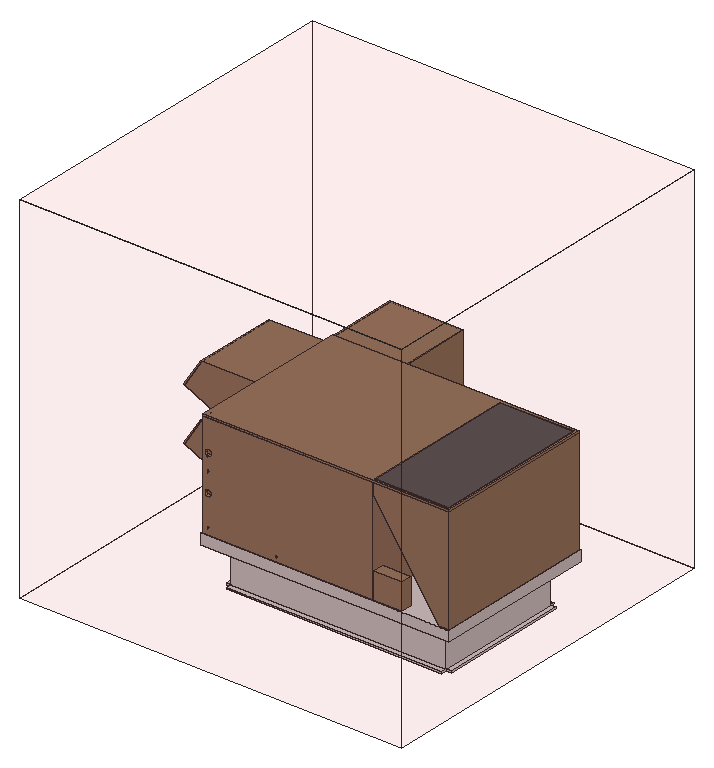
Revit family "Air_Conditioner_Packaged_Rooftop Z(F,H,S,U) 6.5-7.5T_ Z(H,J,R,T,U,W,K,V) 3T-5T", category Mechanical Equipment, Revit 2018
Family settings
  Round Connector Dimension = Use Radius
  Part Type = Normal
  Work Plane-Based = No
  Always vertical = Yes
  Cut with Voids When Loaded = No
  Shared = No
  Room Calculation Point = No
Parameters (values of type "3-10 Ton - Gas Heat")
  Width = 59"
  Voltage = 0 V
  URL = "http://www.johnsoncontrols.com/publish/us/en.html"
  Top Economizer Hood [instance] = yes
  Supply Fan Full Load Current = 0 A
  Supply Air Connection Width [instance] = if(Roof Curb, 21", if(Height = 42", 27 1/2", 28 1/4"))  # 21"
  Supply Air Connection Height [instance] = if(Roof Curb, 24", 18 1/4")  # 24"
  Supply Air Connection Description = "Supply Air Connection"  # constant formula
  Slab Mount [instance] = not(Roof Curb)  # no
  Side Return Air Connection Offset [instance] = if(Height = 42", 12 1/16", 18 1/16")  # 12 1/16"
  Serial Number [instance] = ""
  Seasonal Energy Efficiency Rating = 80  # constant formula
  Roof Curb 8 Inch [instance] = no
  Roof Curb 14 Inch [instance] = yes
  Roof Curb [instance] = yes
  Return Air Wet Bulb Temperature [instance] = 62 °F
  Return Air Dry Bulb Temperature [instance] = 65 °F
  Return Air Connection Width [instance] = if(Roof Curb, 18", 18 1/4")  # 18"
  Return Air Connection Height [instance] = if(Roof Curb, 27 1/2", if(Height = 42", 27 3/4", 28 1/4"))  # 27 1/2"
  Return Air Connection Description = "Return Air Connection"  # constant formula
  Refrigerant Charge System Two = 0.00 lbf
  Refrigerant Charge System One = 0.00 lbf
  Product Page URL = "http://www.johnsoncontrols.com/publish/us/en/products/building_efficiency/integrated_hvac_systems/Industrial___Commercial_HVAC_Equipment/single-package_units/series_10.html"
  Product Documentation Link = ""
  Power Factor = 1  # constant formula
  Power Exhaust Full Load Current = 0 A
  Outside Air Intake Hood [instance] = yes
  Outdoor Ambient Temperature [instance] = 75 °F
  Operating Weight = 0.00 lbf
  OmniClass Title = "Packaged Air Conditioners"  # constant formula
  OmniClass Number = "23.75.10.24.21.27.11"  # constant formula
  OD Fan Motor Full Load Current = 0 A
  Number of Poles = 3
  Nominal Cooling Capacity = 0.0 ton
  Nominal Air Flow = 0 CFM
  Model = "JA3ZHA2"
  Minimum Circuit Current = 0 A
  Minimum Applied Voltage = 0 V
  Maximum Overcurrent Protection = 0 A
  Maximum Applied Voltage = 0 V
  Manufacturer = "Johnson Controls, Inc."  # constant formula
  Length = 89"
  Keynote = "15700"
  Integrated Part Load Value = 0
  Height = 42"
  Gas Heating Output [instance] = 0 Btu/h
  Gas Heating Input [instance] = 0 Btu/h
  Gas Connection Radius = if(1 = 1, Gas Connection Diameter / 2, 0")  # 3/8"
  Gas Connection Diameter = 3/4"
  Gas Connection Description = "Gas Supply Connection"  # constant formula
  Frequency = 60 Hz  # constant formula
  Frame Material = Metal - JCI - Steel - Galvanized With Wood Nailer
  Frame Finish = Paint - JCI - Powder Coated - Champagne
  Filter Size and Quantity = ""
  Family Revision Date = "06/11/2010"  # constant formula
  External Static Pressure [instance] = 0.00 in-wg
  Evaporator Coil Row Count = 3  # constant formula
  Evaporator Coil Fins per Inch = 15  # constant formula
  Energy Efficiency Rating = 0
  Electrical Connection Description = "Power Wiring Connection"  # constant formula
  Economizer Hood Length = 30 11/32"
  Economizer Hood Height = if(1 = 1, (Height - 4 1/4") / 2, 0")  # 18 7/8"
  Economizer Hood Depth = 26"
  Design Supply Air Flow [instance] = 0 CFM
  Description = "Air Handling Unit, Commercial Comfort Systems, Series 10, Gas, 3-10 Ton Unit"  # constant formula
  Copyright © = "Copyright © 2008 by Johnson Controls, Inc."  # constant formula
  Convenience Outlet Voltage [instance] = if(Convenience Outlet, 120 V, 0 V)  # 120 V
  Convenience Outlet Electrical Connection Description = "Convenience Power Wiring Connection"  # constant formula
  Convenience Outlet [instance] = yes
  Condensate Drain Connection Radius = if(1 = 1, Condensate Drain Connection Diameter / 2, 0")  # 3/8"
  Compressor Maximum Continuous Current = 0 A
  CTRL Supply Connection Offset [instance] = if(Roof Curb, CTRL Supply Air Center Elevation, 18 13/16" - 1/2")  # 17 5/32"
  Curb Width = 50 1/2"
  Curb Type [instance] = Commercial_Comfort_Systems-Series_10-Johnson_Control-Curb : Roof Curb
  Curb Material = Metal - JCI - Steel - Galvanized With Wood Nailer
  Curb Length = 80 5/8"
  Curb Height [instance] = 14"
  Convenience Outlet Full Load Current = 0 A
  Controls Connection Description = "Control Wiring Connection"  # constant formula
  Condenser Fan Type = "Propeller"  # constant formula
  Condenser Fan Quantity = 2  # constant formula
  Condenser Fan Diameter = 24"  # constant formula
  Condenser Coils System Two Rows = 0
  Condenser Coils System One Rows = 0
  Condenser Coil Fins per Inch = 20  # constant formula
  Condensate Drain Connection Diameter = 3/4"
  Condensate Drain Connection Description = "Condensate Drain Connection"  # constant formula
  Compressor Type = "Recip"  # constant formula
  Compressor Running Load Current = 0 A
  Compressor Quantity = 2  # constant formula
  Compressor Locked Rotor Current = 0 A
  Clearance Top = 72"
  Clearance Right = 12"
  Clearance Left = 36"
  Clearance Front = 36"
  Clearance Bottom [instance] = if(Roof Curb, Curb Height, 0")  # 14"
  Clearance Back = 36"
  Clearance [instance] = Include Clearance : Include Clearance
  CTRL Supply Connection Angle [instance] = if(Roof Curb, 90.00°, 0.00°)  # 90.00°
  CTRL Supply Air Center Elevation [instance] = 5 5/32" + (Supply Air Connection Height / 2)  # 17 5/32"
  CTRL Supply Air Center [instance] = if(Roof Curb, 32 11/16" + Supply Air Connection Width / 2, 31 11/16" + Supply Air Connection Width / 2)  # 43 3/16"
  CTRL Return Air Center Elevation [instance] = Side Return Air Connection Offset + (Return Air Connection Height / 2)  # 25 13/16"
  CTRL Elevation [instance] = if(Roof Curb, Curb Height, 0")  # 14"
  CTRL Return Air Center [instance] = if(Roof Curb, 6 13/16" + Return Air Connection Width / 2, 2 31/32" + Return Air Connection Width / 2)  # 15 13/16"
  CTRL Return Connection Offset [instance] = if(Roof Curb, CTRL Return Air Center Elevation, 20 9/16" - 1/2")  # 25 13/16"
  CTRL Connection Angle [instance] = if(Roof Curb, 90.00°, 0.00°)  # 90.00°
  CTRL Bottom Supply Center = 18 13/16"  # constant formula
  CTRL Bottom Return Center = 20 9/16"  # constant formula
  Bottom Economizer Hood [instance] = yes
  Assembly Code = "D3060300"
  Air Temperature On Condenser Coil [instance] = 0 °F
  Air On Evaporator Wet Bulb Temperature [instance] = 0 °F
  Air On Evaporator Flow [instance] = 0 CFM
  Actual Supply Air Flow [instance] = 0 CFM
  Actual Return Air Flow [instance] = 0 CFM
  Actual Heater Gas Flow [instance] = 0 GPM
  Actual Condensate Drain Flow [instance] = 0 GPM
Reference planes (in)
  plane 1 "Center (Front/Back)": y = 0
  plane 2 "Bottom": z = 0
  plane 3 "Center (Left/Right)": x = 0
  plane 4 "Back": y = 29.5
  plane 5 "Front": y = -29.5
  plane 6 "Left": x = -44.5
  plane 7 "Right": x = 44.5
  plane 8 "Top": z = 56
  plane 9 "Curb Top": z = 14
  plane 10 "Frame Front": y = -29
  plane 11 "Condenser Back": x = 16.6875
  plane 12 "Frame Left": x = -44
  plane 13 "Frame Back": y = 29
  plane 14 "Base Rail": z = 17.75
  plane 15 "Frame Top": z = 55.5
  plane 16 "Hood Back": y = 25.25
  plane 17 "Economizer Hood Center": z = 36.625
  plane 18 "Return Air Center": x = -28.6875
  plane 19 "Supply Air Center": x = -1.3125
  plane 20 "Bottom Supply Air Center": y = 10.6875
  plane 21 "Bottom Return Center": y = 8.9375
  plane 22 "Supply Air Center Elevation": z = 31.15625
  plane 23 "Return Air Center Elevation": z = 39.8125
Forms (in)
  Revolve 1, void, detail levels fine
    sketch origin (-28.6875, 0, 0) x (0, -1, 0) y (0, 0, 1)
      loop
        line (-8.9375, 14) -> (-8.6875, 14) -> (-8.6875, 14.25) -> (-8.9375, 14.25) -> (-8.9375, 14)
      axis (-8.9375, 14.25) -> (-8.9375, 14)
    angle from 0 to 360
  Revolve 2, void, detail levels fine
    sketch origin (-1.3125, 0, 0) x (0, -1, 0) y (0, 0, 1)
      loop
        line (-10.6875, 14) -> (-10.4375, 14) -> (-10.4375, 14.25) -> (-10.6875, 14.25) -> (-10.6875, 14)
      axis (-10.6875, 14.25) -> (-10.6875, 14)
    angle from 0 to 360
Dimensions and locks (in)
  equal spacing: plane 5 "Front", plane 1 "Center (Front/Back)", plane 4 "Back"
  "Width": plane 5 "Front" to plane 4 "Back"
  equal spacing: plane 6 "Left", plane 3 "Center (Left/Right)", plane 7 "Right"
  "Length": plane 6 "Left" to plane 7 "Right"
  "CTRL Elevation": plane 9 "Curb Top" to plane 2 "Bottom"
  "Height": plane 8 "Top" to plane 9 "Curb Top"
  locked: plane 5 "Front" to plane 10 "Frame Front" at 0.5
  locked: connector elem to plane 6 "Left" at 27
  locked: plane 9 "Curb Top" to connector elem at 5.375
  locked: connector elem to plane 6 "Left" at 2.5  (x3)
  locked: plane 9 "Curb Top" to connector elem at 17.1875
  locked: plane 9 "Curb Top" to connector elem at 24.1875
  locked: plane 11 "Condenser Back" to plane 7 "Right" at 27.8125
  locked: connector elem to plane 5 "Front" at 5.75
  locked: plane 9 "Curb Top" to connector elem at 21.5625
  locked: plane 6 "Left" to plane 12 "Frame Left" at 0.5
  locked: plane 4 "Back" to plane 13 "Frame Back" at 0.5
  locked: plane 14 "Base Rail" to plane 9 "Curb Top" at 3.75
  locked: plane 4 "Back" to plane 16 "Hood Back" at 4.25
  "Economizer Hood Height": plane 17 "Economizer Hood Center" to plane 14 "Base Rail"
  "Economizer Hood Height": plane 15 "Frame Top" to plane 17 "Economizer Hood Center"
  "CTRL Return Air Center": plane 6 "Left" to plane 18 "Return Air Center"
  "CTRL Supply Air Center": plane 6 "Left" to plane 19 "Supply Air Center"
  locked: plane 4 "Back" to plane 20 "Bottom Supply Air Center" at 18.8125
  locked: plane 4 "Back" to plane 21 "Bottom Return Center" at 20.5625
  "CTRL Supply Air Center Elevation": plane 9 "Curb Top" to plane 22 "Supply Air Center Elevation"
  "CTRL Return Air Center Elevation": plane 9 "Curb Top" to plane 23 "Return Air Center Elevation"
  "CTRL Return Connection Offset": Revolve 1 sketch curve to Revolve 1 sketch curve
  locked: Revolve 1 sketch curve to Revolve 1 sketch curve at 0.25  (x2)
  "CTRL Supply Connection Offset": Revolve 2 sketch curve to Revolve 2 sketch curve
  locked: Revolve 2 sketch curve to Revolve 2 sketch curve at 0.25  (x2)
  locked: plane 9 "Curb Top" to connector elem at 6.1875
  "CTRL Connection Angle": angle plane 23 "Return Air Center Elevation" to Revolve 1 sketch curve
  locked: Revolve 1 sketch curve to Revolve 1 sketch curve (angle 90.00°)  (x3)
  "CTRL Supply Connection Angle": angle plane 22 "Supply Air Center Elevation" to Revolve 2 sketch curve
  locked: Revolve 2 sketch curve to Revolve 2 sketch curve (angle 90.00°)  (x3)
  aligned and locked: plane 1 "Center (Front/Back)" to nested 1
  aligned and locked: nested 1 to plane 9 "Curb Top"
  aligned and locked: plane 1 "Center (Front/Back)" to nested 2
  aligned and locked: plane 3 "Center (Left/Right)" to nested 2
  aligned and locked: nested 3 to plane 13 "Frame Back"
  aligned and locked: nested 3 to plane 12 "Frame Left"
  aligned and locked: plane 15 "Frame Top" to nested 3
  aligned and locked: plane 16 "Hood Back" to nested 4
  aligned and locked: nested 4 to plane 12 "Frame Left"
  aligned and locked: nested 4 to plane 14 "Base Rail"
  aligned and locked: plane 16 "Hood Back" to nested 5
  aligned and locked: nested 5 to plane 12 "Frame Left"
  aligned and locked: nested 5 to plane 17 "Economizer Hood Center"
  aligned and locked: nested 6 to plane 1 "Center (Front/Back)"
  aligned and locked: nested 6 to plane 3 "Center (Left/Right)"
  aligned and locked: nested 6 to plane 9 "Curb Top"
  aligned and locked: plane 2 "Bottom" to nested 2
  aligned and locked: nested 1 to plane 6 "Left"
  aligned and locked: plane 21 "Bottom Return Center" to Revolve 1 sketch curve
  aligned and locked: plane 23 "Return Air Center Elevation" to Revolve 1 sketch curve
  aligned and locked: Revolve 1 sketch curve to Revolve 1 sketch curve  (x2)
  aligned and locked: plane 20 "Bottom Supply Air Center" to Revolve 2 sketch curve
  aligned and locked: plane 22 "Supply Air Center Elevation" to Revolve 2 sketch curve
  aligned and locked: Revolve 2 sketch curve to Revolve 2 sketch curve  (x2)
Nested families (in)
  nested 1: "Commercial_Comfort_Systems-Series_10-Johnson_Control-One_Condenser" at (0, 0, 14), type "One Condenser"
  nested 2: "Commercial_Comfort_Systems-Series_10-Johnson_Control-Curb" at (0, 0, 0), type <- "Curb Type", visible <- "Roof Curb", type "Roof Curb"
    with Supply Air Width 22"
  nested 3: "Commercial_Comfort_Systems-Series_10-Johnson_Control-Outdoor_Air_Hood" at (-31, 41.875, 19.75) x (-1, 0, 0) z (0, 0, 1), visible <- "Outside Air Intake Hood", type "Outdoor Air Intake Hood"
  nested 4: "Commercial_Comfort_Systems-Series_10-Johnson_Control-Hood" at (-57, 10.07813, 17.75) x (0, -1, 0) z (0, 0, 1), Hood <- "Bottom Economizer Hood", type "Hood"
    with Open Hole yes, No Hood no, Hood yes, Length 30 11/32"
  nested 5: "Commercial_Comfort_Systems-Series_10-Johnson_Control-Hood" at (-57, 10.07813, 36.625) x (0, -1, 0) z (0, 0, 1), Hood <- "Top Economizer Hood", type "Hood"
    with Open Hole yes, No Hood no, Hood yes, Length 30 11/32"
  nested 6: "Include Clearance" at (0, 0, 14), type <- "Clearance", type "Include Clearance"
    with Width 89", Height 42", Depth 59", Clearance Top 72", Clearance Right 12", Clearance Left 36", Clearance Front 36", Clearance Bottom 14", Clearance Back 36"
Connectors (in)
  piping at (-17.5, -29, 19.375), diameter 0.75, driven by "Actual Condensate Drain Flow", driven by "Condensate Drain Connection Radius", driven by "Condensate Drain Connection Description"
    settings: index 3, connector inside diameter 3/4", connector length 0", flow factor 0, pipe flow 0 GPM, pressure drop 0.00 psi, fitting loss kfactor 0, connector angle 0.00°, fixture units 0, engagement length 0", angle of deflection 0.00°, flow configuration 1, flow direction 2, fitting loss method 0, system type 16, joint type 0, gender type 0, connector reference index -1, connector utility 0, adjustable connector yes, is connector primary yes, connector description "Condensate Drain Connection"
  electrical at (-42, -29, 31.1875), driven by "Power Factor", driven by "Voltage", driven by "Number of Poles", driven by "Electrical Connection Description"
    settings: index 4, voltage 0 V, apparent load 0 VA, apparent load phase1 0 VA, apparent load phase2 0 VA, apparent load phase3 0 VA, power factor 1, load classification "HVAC", number of poles 3, system type 30, power factor state 1, is connector primary yes, connector utility no, sub classification motor no, connector description "Power Wiring Connection"
  electrical at (-42, -29, 38.1875), driven by "Controls Connection Description"
    settings: index 5, voltage 0 V, apparent load 0 VA, apparent load phase1 0 VA, apparent load phase2 0 VA, apparent load phase3 0 VA, power factor 1, load classification "Other", number of poles 1, system type 13, power factor state 1, is connector primary no, connector utility no, sub classification motor no, connector description "Control Wiring Connection"
  piping at (16.6875, -23.75, 35.5625), diameter 0.75, driven by "Actual Heater Gas Flow", driven by "Gas Connection Radius", driven by "Gas Connection Description"
    settings: index 6, connector inside diameter 3/4", connector length 0", flow factor 0, pipe flow 0 GPM, pressure drop 0.00 psi, fitting loss kfactor 0, connector angle 0.00°, fixture units 0, engagement length 0", angle of deflection 0.00°, flow configuration 1, flow direction 1, fitting loss method 0, system type 22, joint type 0, gender type 0, connector reference index -1, connector utility 0, adjustable connector no, is connector primary no, connector description "Gas Supply Connection"
  hvac at (-28.6875, 8.9375, 14), driven by "Return Air Connection Height", driven by "Return Air Connection Width", driven by "Actual Return Air Flow", driven by "Return Air Connection Description"
    settings: on Revolve 1, index 8, duct flow 0 CFM, flow factor 0, pres drop 0.00 in-wg, loss coef 0, conn angle 0.00°, conn width 18", conn height 27 1/2", conn diameter 24", duct sys type 2, conn prof type 1, flow config 0, flow direction 1, loss method 0, conn ref index -1, conn util no, is conn primary no, conn desc "Return Air Connection"
  hvac at (-1.3125, 10.6875, 14), driven by "Supply Air Connection Width", driven by "Supply Air Connection Height", driven by "Actual Supply Air Flow", driven by "Supply Air Connection Description"
    settings: on Revolve 2, index 9, duct flow 0 CFM, flow factor 0, pres drop 0.00 in-wg, loss coef 0, conn angle 0.00°, conn width 21", conn height 24", conn diameter 24", duct sys type 1, conn prof type 1, flow config 0, flow direction 1, loss method 0, conn ref index -1, conn util no, is conn primary no, conn desc "Supply Air Connection"
  electrical at (-42, -29, 20.1875), driven by "Power Factor", driven by "Convenience Outlet Voltage", driven by "Convenience Outlet Electrical Connection Description"
    settings: index 10, voltage 120 V, apparent load 0 VA, apparent load phase1 0 VA, apparent load phase2 0 VA, apparent load phase3 0 VA, power factor 1, load classification "Power", number of poles 1, system type 30, power factor state 0, is connector primary no, connector utility no, sub classification motor no, connector description "Convenience Power Wiring Connection"
  hvac at (0.9375, 29, 28.28125)
    settings: on nested 1, index 11, duct flow 0 CFM, flow factor 0, pres drop 0.00 in-wg, loss coef 0, conn angle 0.00°, conn width 27 1/2", conn height 16", conn diameter 24", duct sys type 1, conn prof type 1, flow config 0, flow direction 0, loss method 0, conn ref index -1, conn util no, is conn primary yes, conn desc ""
  hvac at (-31, 41.79893, 33.36828)
    settings: on nested 3, index 12, duct flow 0 CFM, flow factor 0, pres drop 0.00 in-wg, loss coef 0, conn angle 0.00°, conn width 18 1/4", conn height 27 3/4", conn diameter 24", duct sys type 1, conn prof type 1, flow config 0, flow direction 0, loss method 0, conn ref index -1, conn util no, is conn primary no, conn desc ""
Definition of nested family "Commercial_Comfort_Systems-Series_10-Johnson_Control-One_Condenser"
  Parameters
    Width = 59"
    Side Supply Air Width = 27 1/2"
    Side Supply Air Height = 18 1/4"
    Side Supply Air = no
    Side Return Air Width = 18 1/4"
    Side Return Air Offset = 12 1/16"
    Side Return Air Height = 27 3/4"
    Side Return Air = no
    Paint Finish = none
    No Cap Side Return = yes
    Length = 89"
    Height = 42"
    Frame Material = none
    Condenser Material = none
    Cap Side Return = not(No Cap Side Return)  # no
    Bottom Supply Air Width = 21"
    Bottom Supply Air Height = 24"
    Bottom Supply Air = not(Side Supply Air)  # yes
    Bottom Return Air Width = 18"
    Bottom Return Air Height = 27 1/2"
    Bottom Return Air = not(Side Return Air)  # yes
    Assembly Code = ""
  Reference planes (in)
    plane 1 "Center (Front/Back)": y = 0
    plane 2 "Bottom": z = 0
    plane 3 "Center (Left/Right)": x = 0
    plane 4 "Back": y = 29.5
    plane 5 "Front": y = -29.5
    plane 6 "Left": x = -44.5
    plane 7 "Right": x = 44.5
    plane 8 "Top": z = 42
    plane 9 "Base Rail Top": z = 3.75
    plane 10 "Box Back": y = 29
    plane 11 "Box Left": x = -44
    plane 12 "Box Right": x = 44
    plane 13 "Box Front": y = -29
    plane 14 "Return Air Left": x = -37.6875
    plane 15 "Return Air Right": x = -19.6875
    plane 16 "Supply Air Left": x = -11.8125
    plane 17 "Supply Air Right": x = 9.1875
    plane 18 "Air Back": y = 22.6875
    plane 19 "Bottom Return Air Front": y = -4.8125
    plane 20 "Bottom Supply Air Front": y = -1.3125
    plane 21 "Frame Front": y = -28
    plane 22 "Frame Back": y = 28
    plane 23 "Frame Left": x = -43
    plane 24 "Frame Right": x = 43
    plane 25 "Supply Air Bottom": z = 5.15625
    plane 26 "Supply Air Top": z = 23.40625
    plane 27 "Back Supply Air Left": x = -12.8125
    plane 28 "Back Supply Air Right": x = 14.6875
    plane 29 "Return Air Bottom": z = 12.0625
    plane 30 "Return Air Top": z = 39.8125
    plane 31 "Back Return Air Left": x = -41.53125
    plane 32 "Back Return Air Right": x = -23.28125
    plane 33 "Condenser Left": x = 16.6875
    plane 34 "Angle Inset": x = 40.5
    plane 35 "Angle Top Inset": z = 38
    plane 36 "Right Inside Frame": x = 16.1875
    plane 37 "Frame Top": z = 41.5
    plane 38 "Big Opening Back": y = 25.25
    plane 39 "Big Opening Front": y = -5.09375
    plane 40 "Little Box Back": y = -25
    plane 41 "Little Box Right": x = 27.1875
    plane 42 "Little Box Top": z = 13
  Forms (in)
    Extrusion 1, solid, material <- "Frame Material", detail levels medium+fine
      sketch origin (0, 0, 0) x (1, 0, 0) y (0, 1, 0)
        loop
          line (-44.5, 29.5) -> (-44.5, -29.5) -> (44.5, -29.5) -> (44.5, 29.5) -> (-44.5, 29.5)
        loop
          line (-37.6875, 22.6875) -> (-37.6875, -4.8125) -> (-19.6875, -4.8125) -> (-19.6875, 22.6875) -> (-37.6875, 22.6875)
        loop
          line (-11.8125, 22.6875) -> (-11.8125, -1.3125) -> (9.1875, -1.3125) -> (9.1875, 22.6875) -> (-11.8125, 22.6875)
      from 0 to 3.75
    Extrusion 2, solid, material <- "Paint Finish", detail levels medium+fine
      sketch origin (0, 0, 0) x (1, 0, 0) y (0, 0, 1)
        loop
          line (-44, 41.5) -> (-44, 3.75) -> (16.6875, 3.75) -> (16.6875, 41.5) -> (-44, 41.5)
        loop
          line (-12.8125, 23.40625) -> (-12.8125, 5.15625) -> (14.6875, 5.15625) -> (14.6875, 23.40625) -> (-12.8125, 23.40625)
        loop
          line (-23.28125, 39.8125) -> (-41.53125, 39.8125) -> (-41.53125, 12.0625) -> (-23.28125, 12.0625) -> (-23.28125, 39.8125)
      from -29 to -28
    Extrusion 3, solid, material <- "Paint Finish", detail levels medium+fine
      sketch origin (0, 0, 0) x (1, 0, 0) y (0, 0, 1)
        loop
          line (16.6875, 41.5) -> (16.6875, 38) -> (40.5, 3.75) -> (44, 3.75) -> (44, 41.5) -> (16.6875, 41.5)
      from -29 to 29
    Extrusion 4, solid, material <- "Paint Finish", detail levels medium+fine
      sketch origin (0, 0, 0) x (1, 0, 0) y (0, 0, 1)
        loop
          line (-44, 41.5) -> (-44, 3.75) -> (16.6875, 3.75) -> (16.6875, 41.5) -> (-44, 41.5)
        loop
          circle (-42, 30.1875) r 1.25
        loop
          circle (-42, 17.1875) r 1.25
        loop
          circle (-42, 24.1875) r 0.4375
        loop
          circle (-42, 6.1875) r 0.4375
        loop
          circle (-17.5, 5.375) r 0.375
      from 28 to 29
    Extrusion 5, solid, material <- "Paint Finish", detail levels medium+fine
      sketch origin (0, 0, 0) x (0, 1, 0) y (0, 0, 1)
        loop
          line (28, 41.5) -> (25.25, 41.5) -> (25.25, 3.75) -> (28, 3.75) -> (28, 41.5)
        loop
          line (-5.09375, 41.5) -> (-28, 41.5) -> (-28, 3.75) -> (-5.09375, 3.75) -> (-5.09375, 41.5)
      from -44 to -43
    Extrusion 6, solid, material <- "Paint Finish", detail levels medium+fine
      sketch origin (0, 0, 0) x (1, 0, 0) y (0, 1, 0)
        loop
          line (-44, 29) -> (-44, -29) -> (44, -29) -> (44, 29) -> (-44, 29)
        loop
          line (16.6875, 28) -> (16.6875, -28) -> (43, -28) -> (43, 28) -> (16.6875, 28)
      from 41.5 to 42
    Extrusion 7, solid, material <- "Condenser Material", detail levels medium+fine
      sketch origin (0, 0, 0) x (1, 0, 0) y (0, 1, 0)
        loop
          line (16.6875, 28) -> (16.6875, -28) -> (43, -28) -> (43, 28) -> (16.6875, 28)
      from 41.5 to 42
    Extrusion 8, solid, material <- "Paint Finish", detail levels fine
      sketch origin (0, 0, 0) x (1, 0, 0) y (0, 0, 1)
        loop
          line (16.6875, 13) -> (16.6875, 3.75) -> (27.1875, 3.75) -> (27.1875, 13) -> (16.6875, 13)
      from 25 to 29
    Extrusion 9, solid, material <- "Paint Finish", visible <- "Cap Side Return", detail levels medium+fine
      sketch origin (0, 0, 0) x (1, 0, 0) y (0, 0, 1)
        loop
          line (-41.53125, 39.8125) -> (-41.53125, 12.0625) -> (-23.28125, 12.0625) -> (-23.28125, 39.8125) -> (-41.53125, 39.8125)
      from -29 to -28
    Extrusion 10, solid, material <- "Paint Finish", visible <- "Bottom Supply Air", detail levels medium+fine
      sketch origin (0, 0, 0) x (1, 0, 0) y (0, 0, 1)
        loop
          line (-12.8125, 23.40625) -> (-12.8125, 5.15625) -> (14.6875, 5.15625) -> (14.6875, 23.40625) -> (-12.8125, 23.40625)
      from -29 to -28
    Extrusion 11, solid, material <- "Paint Finish", detail levels medium+fine
      sketch origin (0, 0, 0) x (0, 1, 0) y (0, 0, 1)
        loop
          line (-28, 41.5) -> (-28, 3.75) -> (28, 3.75) -> (28, 41.5) -> (-28, 41.5)
        loop
          circle (-23.75, 21.5625) r 0.375
      from 16.1875 to 16.6875
  Cuts and joins
    joined: Extrusion 2, Extrusion 4, Extrusion 5, Extrusion 11
  Lines and regions (in)
    Masking region 1
      outline origin (0, 0, 0) x (1, 0, 0) y (0, 1, 0)
        loop
          line (-44.5, 29.5) -> (-44.5, -29.5) -> (44.5, -29.5) -> (44.5, 29.5) -> (-44.5, 29.5)
    Masking region 2, detail levels fine
      outline origin (0, 0, 0) x (1, 0, 0) y (0, 1, 0)
        loop
          line (-44, 29) -> (-44, -29) -> (44, -29) -> (44, 29) -> (-44, 29)
    Masking region 3, detail levels fine
      outline origin (0, 0, 0) x (1, 0, 0) y (0, 1, 0)
        loop
          line (16.6875, 28) -> (16.6875, -28) -> (43, -28) -> (43, 28) -> (16.6875, 28)
    Masking region 4
      outline origin (0, 0, 0) x (1, 0, 0) y (0, 0, 1)
        loop
          line (-44, 42) -> (-44, 3.75) -> (-44.5, 3.75) -> (-44.5, 0) -> (44.5, 0) -> (44.5, 3.75) -> (44, 3.75) -> (44, 42) -> (-44, 42)
        loop
          line (16.6875, 38) -> (16.6875, 3.75) -> (40.5, 3.75) -> (16.6875, 38)
    Masking region 5, detail levels fine
      outline origin (0, 0, 0) x (1, 0, 0) y (0, 0, 1)
        loop
          line (16.6875, 13) -> (16.6875, 3.75) -> (27.1875, 3.75) -> (27.1875, 13) -> (16.6875, 13)
    Masking region 6, visible <- "Side Return Air"
      outline origin (0, 29.5, 0) x (-1, 0, 0) y (0, 0, 1)
        loop
          line (41.53125, 39.8125) -> (23.28125, 39.8125) -> (23.28125, 12.0625) -> (41.53125, 12.0625) -> (41.53125, 39.8125)
    Masking region 7
      outline origin (0, 0, 0) x (0, 1, 0) y (0, 0, 1)
        loop
          line (-29, 42) -> (-29, 3.75) -> (-29.5, 3.75) -> (-29.5, 0) -> (29.5, 0) -> (29.5, 3.75) -> (29, 3.75) -> (29, 42) -> (-29, 42)
    Masking region 8, visible <- "Side Supply Air"
      outline origin (0, 29.5, 0) x (-1, 0, 0) y (0, 0, 1)
        loop
          line (12.8125, 23.40625) -> (-14.6875, 23.40625) -> (-14.6875, 5.15625) -> (12.8125, 5.15625) -> (12.8125, 23.40625)
    Masking region 9
      outline origin (0, -29.5, 0) x (-1, 0, 0) y (0, 0, 1)
        loop
          circle (42, 6.1875) r 0.4375
        loop
          circle (42, 17.1875) r 1.25
        loop
          circle (42, 24.1875) r 0.4375
        loop
          circle (42, 30.1875) r 1.25
        loop
          circle (17.5, 5.375) r 0.375
    symbolic lines, detail levels medium+fine
      curve 1: line (-44, 0, 3.75) -> (44, 0, 3.75)
      curve 3: line (0, -29, 3.75) -> (0, 29, 3.75)
      curve 53: line (-44.5, 0, 41.5) -> (44.5, 0, 41.5)
    symbolic lines, detail levels fine
      curve 2: line (16.6875, 0, 38) -> (16.6875, 0, 41.5)
      curve 4: line (-44.5, -5.09375, 3.75) -> (-44.5, -5.09375, 41.5)
      curve 5: line (-44.5, 25.25, 3.75) -> (-44.5, 25.25, 41.5)
      curve 6: line (0, -29, 41.5) -> (0, 29, 41.5)
    model lines, detail levels coarse
      curve 7: line (-44, 29, 42) -> (44, 29, 42)
      curve 8: line (-44, -29, 42) -> (-44, 29, 42)
      curve 9: line (44, -29, 42) -> (-44, -29, 42)
      curve 10: line (44, 29, 42) -> (44, -29, 42)
      curve 11: line (-44, 29, 3.75) -> (44, 29, 3.75)
      curve 12: line (-44, -29, 3.75) -> (-44, 29, 3.75)
      curve 13: line (44, -29, 3.75) -> (-44, -29, 3.75)
      curve 14: line (44, 29, 3.75) -> (44, -29, 3.75)
      curve 15: line (-44.5, 29.5, 3.75) -> (44.5, 29.5, 3.75)
      curve 16: line (-44.5, -29.5, 3.75) -> (-44.5, 29.5, 3.75)
      curve 17: line (44.5, -29.5, 3.75) -> (-44.5, -29.5, 3.75)
      curve 18: line (44.5, 29.5, 3.75) -> (44.5, -29.5, 3.75)
      curve 19: line (-44.5, 29.5, 0) -> (44.5, 29.5, 0)
      curve 20: line (-44.5, -29.5, 0) -> (-44.5, 29.5, 0)
      curve 21: line (44.5, -29.5, 0) -> (-44.5, -29.5, 0)
      curve 22: line (44.5, 29.5, 0) -> (44.5, -29.5, 0)
      curve 23: line (-44.5, -29.5, 0) -> (-44.5, -29.5, 3.75)
      curve 24: line (44.5, -29.5, 0) -> (44.5, -29.5, 3.75)
      curve 25: line (44.5, 29.5, 0) -> (44.5, 29.5, 3.75)
      curve 26: line (-44.5, 29.5, 0) -> (-44.5, 29.5, 3.75)
      curve 27: line (-44, -29, 3.75) -> (-44, -29, 42)
      curve 28: line (44, -29, 3.75) -> (44, -29, 42)
      curve 29: line (-44, 29, 3.75) -> (-44, 29, 42)
      curve 30: line (44, 29, 3.75) -> (44, 29, 42)
      curve 39: circle (-17.5, -29, 5.375) r 0.375 normal (0, -1, 0)
      curve 40: circle (-42, -29, 6.1875) r 0.4375 normal (0, -1, 0)
      curve 41: circle (-42, -29, 17.1875) r 1.25 normal (0, -1, 0)
      curve 42: circle (-42, -29, 24.1875) r 0.4375 normal (0, -1, 0)
      curve 43: circle (-42, -29, 30.1875) r 1.25 normal (0, -1, 0)
    model lines, visible <- "Side Return Air"
      curve 31: line (-41.53125, 29, 39.8125) -> (-23.28125, 29, 39.8125)
      curve 32: line (-41.53125, 29, 12.0625) -> (-41.53125, 29, 39.8125)
      curve 33: line (-23.28125, 29, 12.0625) -> (-41.53125, 29, 12.0625)
      curve 34: line (-23.28125, 29, 39.8125) -> (-23.28125, 29, 12.0625)
    model lines, visible <- "Side Supply Air"
      curve 35: line (-12.8125, 29, 23.40625) -> (14.6875, 29, 23.40625)
      curve 36: line (-12.8125, 29, 5.15625) -> (-12.8125, 29, 23.40625)
      curve 37: line (14.6875, 29, 5.15625) -> (-12.8125, 29, 5.15625)
      curve 38: line (14.6875, 29, 23.40625) -> (14.6875, 29, 5.15625)
    model lines
      curve 44: circle (16.6875, -23.75, 21.5625) r 0.375 normal (1, 0, 0)
    model lines, visible <- "Bottom Return Air", detail levels coarse
      curve 45: line (-37.6875, 22.6875, 0) -> (-19.6875, 22.6875, 0)
      curve 46: line (-37.6875, -4.8125, 0) -> (-37.6875, 22.6875, 0)
      curve 47: line (-19.6875, -4.8125, 0) -> (-37.6875, -4.8125, 0)
      curve 48: line (-19.6875, 22.6875, 0) -> (-19.6875, -4.8125, 0)
    model lines, visible <- "Bottom Supply Air", detail levels coarse
      curve 49: line (-11.8125, 22.6875, 0) -> (9.1875, 22.6875, 0)
      curve 50: line (-11.8125, -1.3125, 0) -> (-11.8125, 22.6875, 0)
      curve 51: line (9.1875, -1.3125, 0) -> (-11.8125, -1.3125, 0)
      curve 52: line (9.1875, 22.6875, 0) -> (9.1875, -1.3125, 0)
  Dimensions and locks (in)
    equal spacing: plane 5 "Front", plane 1 "Center (Front/Back)", plane 4 "Back"
    "Width": plane 5 "Front" to plane 4 "Back"
    equal spacing: plane 6 "Left", plane 3 "Center (Left/Right)", plane 7 "Right"
    "Length": plane 6 "Left" to plane 7 "Right"
    "Height": plane 8 "Top" to plane 2 "Bottom"
    locked: plane 9 "Base Rail Top" to plane 2 "Bottom" at 3.75
    locked: plane 6 "Left" to plane 14 "Return Air Left" at 6.8125
    "Bottom Return Air Width": plane 14 "Return Air Left" to plane 15 "Return Air Right"
    "Bottom Supply Air Width": plane 16 "Supply Air Left" to plane 17 "Supply Air Right"
    locked: plane 4 "Back" to plane 18 "Air Back" at 6.8125
    "Bottom Supply Air Height": plane 18 "Air Back" to plane 20 "Bottom Supply Air Front"
    locked: plane 5 "Front" to plane 13 "Box Front" at 0.5
    locked: plane 13 "Box Front" to plane 21 "Frame Front" at 1
    locked: plane 4 "Back" to plane 10 "Box Back" at 0.5
    locked: plane 10 "Box Back" to plane 22 "Frame Back" at 1
    locked: plane 6 "Left" to plane 11 "Box Left" at 0.5
    locked: plane 11 "Box Left" to plane 23 "Frame Left" at 1
    locked: plane 12 "Box Right" to plane 7 "Right" at 0.5
    locked: plane 24 "Frame Right" to plane 12 "Box Right" at 1
    locked: plane 25 "Supply Air Bottom" to plane 2 "Bottom" at 5.15625
    "Side Supply Air Width": plane 28 "Back Supply Air Right" to plane 27 "Back Supply Air Left"
    "Side Supply Air Height": plane 26 "Supply Air Top" to plane 25 "Supply Air Bottom"
    "Side Return Air Offset": plane 29 "Return Air Bottom" to plane 2 "Bottom"
    "Side Return Air Height": plane 30 "Return Air Top" to plane 29 "Return Air Bottom"
    locked: plane 27 "Back Supply Air Left" to plane 6 "Left" at 31.6875
    locked: plane 31 "Back Return Air Left" to plane 6 "Left" at 2.96875
    "Side Return Air Width": plane 32 "Back Return Air Right" to plane 31 "Back Return Air Left"
    locked: plane 33 "Condenser Left" to plane 7 "Right" at 27.8125
    locked: plane 34 "Angle Inset" to plane 7 "Right" at 4
    locked: plane 8 "Top" to plane 35 "Angle Top Inset" at 4
    locked: plane 36 "Right Inside Frame" to plane 33 "Condenser Left" at 0.5
    locked: plane 8 "Top" to plane 37 "Frame Top" at 0.5
    locked: plane 4 "Back" to plane 38 "Big Opening Back" at 4.25
    locked: plane 38 "Big Opening Back" to plane 39 "Big Opening Front" at 30.34375
    locked: plane 5 "Front" to plane 40 "Little Box Back" at 4.5
    locked: plane 41 "Little Box Right" to plane 33 "Condenser Left" at 10.5
    locked: plane 42 "Little Box Top" to plane 2 "Bottom" at 13
    locked: Extrusion 4 sketch curve to plane 2 "Bottom" at 5.75
    locked: Extrusion 4 sketch curve to plane 2 "Bottom" at 15.9375
    locked: Extrusion 4 sketch curve to plane 2 "Bottom" at 23.75
    locked: Extrusion 4 sketch curve to plane 2 "Bottom" at 28.9375
    locked: Extrusion 4 sketch curve to plane 6 "Left" at 1.25  (x2)
    locked: Extrusion 4 sketch curve to plane 6 "Left" at 2.0625  (x2)
    locked: Extrusion 11 sketch curve to plane 9 "Base Rail Top" at 17.4375
    plane 13 "Box Front" to Extrusion 11 sketch curve = 4 7/8"
    locked: Extrusion 4 sketch curve to plane 2 "Bottom" at 5
    locked: Extrusion 4 sketch curve to plane 6 "Left" at 26.625
    locked: Masking region 9 sketch curve to plane 2 "Bottom" at 5.75
    locked: Masking region 9 sketch curve to plane 2 "Bottom" at 15.9375
    locked: Masking region 9 sketch curve to plane 2 "Bottom" at 23.75
    locked: Masking region 9 sketch curve to plane 2 "Bottom" at 28.9375
    locked: Masking region 9 sketch curve to plane 2 "Bottom" at 5
    locked: Masking region 9 sketch curve to plane 6 "Left" at 26.625
    locked: Masking region 9 sketch curve to plane 6 "Left" at 2.0625  (x2)
    locked: Masking region 9 sketch curve to plane 6 "Left" at 1.25  (x2)
    locked: curve 40 to plane 2 "Bottom" at 5.75
    locked: curve 41 to plane 2 "Bottom" at 15.9375
    locked: curve 42 to plane 2 "Bottom" at 23.75
    locked: curve 43 to plane 2 "Bottom" at 28.9375
    locked: curve 39 to plane 6 "Left" at 26.625
    locked: curve 39 to plane 2 "Bottom" at 5
    locked: curve 40 to plane 6 "Left" at 2.0625
    locked: curve 41 to plane 6 "Left" at 1.25
    locked: curve 42 to plane 6 "Left" at 2.0625
    locked: curve 43 to plane 6 "Left" at 1.25
    locked: curve 44 to plane 2 "Bottom" at 21.1875
    locked: plane 13 "Box Front" to curve 44 at 4.875
    "Bottom Return Air Height": plane 18 "Air Back" to plane 19 "Bottom Return Air Front"
    locked: plane 6 "Left" to plane 16 "Supply Air Left" at 32.6875
    aligned and locked: plane 6 "Left" to Extrusion 1 sketch curve
    aligned and locked: Extrusion 1 sketch curve to plane 4 "Back"
    aligned and locked: plane 5 "Front" to Extrusion 1 sketch curve
    aligned and locked: plane 7 "Right" to Extrusion 1 sketch curve
    aligned and locked: Extrusion 1 to plane 2 "Bottom"
    aligned and locked: plane 9 "Base Rail Top" to Extrusion 1
    aligned and locked: plane 14 "Return Air Left" to Extrusion 1 sketch curve
    aligned and locked: plane 19 "Bottom Return Air Front" to Extrusion 1 sketch curve
    aligned and locked: Extrusion 1 sketch curve to plane 15 "Return Air Right"
    aligned and locked: Extrusion 1 sketch curve to plane 18 "Air Back"  (x2)
    aligned and locked: plane 16 "Supply Air Left" to Extrusion 1 sketch curve
    aligned and locked: plane 20 "Bottom Supply Air Front" to Extrusion 1 sketch curve
    aligned and locked: Extrusion 1 sketch curve to plane 17 "Supply Air Right"
    aligned and locked: plane 9 "Base Rail Top" to Extrusion 2 sketch curve
    aligned and locked: plane 11 "Box Left" to Extrusion 2 sketch curve
    aligned and locked: plane 29 "Return Air Bottom" to Extrusion 2 sketch curve
    aligned and locked: plane 31 "Back Return Air Left" to Extrusion 2 sketch curve
    aligned and locked: Extrusion 2 sketch curve to plane 32 "Back Return Air Right"
    aligned and locked: Extrusion 2 sketch curve to plane 30 "Return Air Top"
    aligned and locked: plane 10 "Box Back" to Extrusion 2
    aligned and locked: Extrusion 2 to plane 22 "Frame Back"
    aligned and locked: Extrusion 2 sketch curve to plane 33 "Condenser Left"
    aligned and locked: Extrusion 3 sketch curve to plane 33 "Condenser Left"
    aligned and locked: Extrusion 3 sketch curve to plane 12 "Box Right"
    aligned and locked: plane 34 "Angle Inset" to Extrusion 3 sketch curve
    aligned and locked: plane 9 "Base Rail Top" to Extrusion 3 sketch curve
    aligned and locked: plane 35 "Angle Top Inset" to Extrusion 3 sketch curve
    aligned and locked: plane 33 "Condenser Left" to Extrusion 3 sketch curve
    aligned and locked: plane 10 "Box Back" to Extrusion 3
    aligned and locked: plane 13 "Box Front" to Extrusion 3
    aligned and locked: Extrusion 2 sketch curve to plane 37 "Frame Top"
    aligned and locked: plane 9 "Base Rail Top" to Extrusion 4 sketch curve
    aligned and locked: Extrusion 4 sketch curve to plane 37 "Frame Top"
    aligned and locked: Extrusion 4 sketch curve to plane 33 "Condenser Left"
    aligned and locked: plane 11 "Box Left" to Extrusion 4 sketch curve
    aligned and locked: plane 13 "Box Front" to Extrusion 4
    aligned and locked: Extrusion 4 to plane 21 "Frame Front"
    aligned and locked: Extrusion 5 sketch curve to plane 37 "Frame Top"  (x2)
    aligned and locked: plane 9 "Base Rail Top" to Extrusion 5 sketch curve  (x2)
    aligned and locked: plane 38 "Big Opening Back" to Extrusion 5 sketch curve
    aligned and locked: Extrusion 5 sketch curve to plane 39 "Big Opening Front"
    aligned and locked: Extrusion 5 to plane 11 "Box Left"
    aligned and locked: plane 23 "Frame Left" to Extrusion 5
    aligned and locked: Extrusion 5 sketch curve to plane 21 "Frame Front"
    aligned and locked: Extrusion 5 sketch curve to plane 22 "Frame Back"
    aligned and locked: plane 11 "Box Left" to Extrusion 6 sketch curve
    aligned and locked: Extrusion 6 sketch curve to plane 13 "Box Front"
    aligned and locked: Extrusion 6 sketch curve to plane 10 "Box Back"
    aligned and locked: plane 8 "Top" to Extrusion 6
    aligned and locked: Extrusion 6 to plane 37 "Frame Top"
    aligned and locked: plane 37 "Frame Top" to Extrusion 3 sketch curve
    aligned and locked: plane 33 "Condenser Left" to Extrusion 7 sketch curve
    aligned and locked: plane 8 "Top" to Extrusion 7
    aligned and locked: Extrusion 7 to plane 37 "Frame Top"
    aligned and locked: Extrusion 7 sketch curve to plane 22 "Frame Back"
    aligned and locked: plane 24 "Frame Right" to Extrusion 7 sketch curve
    aligned and locked: Extrusion 7 sketch curve to plane 21 "Frame Front"
    aligned and locked: Extrusion 8 sketch curve to plane 42 "Little Box Top"
    aligned and locked: plane 33 "Condenser Left" to Extrusion 8 sketch curve
    aligned and locked: plane 9 "Base Rail Top" to Extrusion 8 sketch curve
    aligned and locked: Extrusion 8 sketch curve to plane 41 "Little Box Right"
    aligned and locked: plane 13 "Box Front" to Extrusion 8
    aligned and locked: Extrusion 8 to plane 40 "Little Box Back"
    aligned and locked: Masking region 1 sketch curve to plane 4 "Back"
    aligned and locked: plane 6 "Left" to Masking region 1 sketch curve
    aligned and locked: Masking region 1 sketch curve to plane 5 "Front"
    aligned and locked: plane 7 "Right" to Masking region 1 sketch curve
    aligned and locked: Masking region 2 sketch curve to plane 10 "Box Back"
    aligned and locked: plane 11 "Box Left" to Masking region 2 sketch curve
    aligned and locked: Masking region 2 sketch curve to plane 13 "Box Front"
    aligned and locked: plane 12 "Box Right" to Masking region 2 sketch curve
    aligned and locked: Masking region 3 sketch curve to plane 22 "Frame Back"
    aligned and locked: plane 33 "Condenser Left" to Masking region 3 sketch curve
    aligned and locked: plane 24 "Frame Right" to Masking region 3 sketch curve
    aligned and locked: Masking region 3 sketch curve to plane 21 "Frame Front"
    aligned and locked: Masking region 4 sketch curve to plane 8 "Top"
    aligned and locked: plane 11 "Box Left" to Masking region 4 sketch curve
    aligned and locked: plane 12 "Box Right" to Masking region 4 sketch curve
    aligned and locked: plane 7 "Right" to Masking region 4 sketch curve
    aligned and locked: plane 2 "Bottom" to Masking region 4 sketch curve
    aligned and locked: Masking region 4 sketch curve to plane 9 "Base Rail Top"
    aligned and locked: plane 35 "Angle Top Inset" to Masking region 4 sketch curve
    aligned and locked: plane 33 "Condenser Left" to Masking region 4 sketch curve  (x2)
    aligned and locked: plane 9 "Base Rail Top" to Masking region 4 sketch curve
    aligned and locked: plane 34 "Angle Inset" to Masking region 4 sketch curve
    aligned and locked: plane 11 "Box Left" to curve 1
    aligned and locked: plane 12 "Box Right" to curve 1
    aligned and locked: curve 1 to plane 9 "Base Rail Top"
    aligned and locked: plane 37 "Frame Top" to curve 2
    aligned and locked: plane 35 "Angle Top Inset" to curve 2
    aligned and locked: plane 33 "Condenser Left" to curve 2
    aligned and locked: plane 9 "Base Rail Top" to Masking region 5 sketch curve
    aligned and locked: Masking region 5 sketch curve to plane 41 "Little Box Right"
    aligned and locked: Masking region 5 sketch curve to plane 42 "Little Box Top"
    aligned and locked: plane 33 "Condenser Left" to Masking region 5 sketch curve
    aligned and locked: plane 29 "Return Air Bottom" to Masking region 6 sketch curve
    aligned and locked: Masking region 6 sketch curve to plane 32 "Back Return Air Right"
    aligned and locked: plane 31 "Back Return Air Left" to Masking region 6 sketch curve
    aligned and locked: Masking region 6 sketch curve to plane 30 "Return Air Top"
    aligned and locked: Masking region 7 sketch curve to plane 9 "Base Rail Top"
    aligned and locked: Masking region 7 sketch curve to plane 5 "Front"
    aligned and locked: Masking region 7 sketch curve to plane 4 "Back"
    aligned and locked: plane 2 "Bottom" to Masking region 7 sketch curve
    aligned and locked: Masking region 7 sketch curve to plane 10 "Box Back"
    aligned and locked: Masking region 7 sketch curve to plane 13 "Box Front"
    aligned and locked: Masking region 7 sketch curve to plane 8 "Top"
    aligned and locked: plane 13 "Box Front" to curve 3
    aligned and locked: plane 10 "Box Back" to curve 3
    aligned and locked: curve 3 to plane 9 "Base Rail Top"
    aligned and locked: plane 37 "Frame Top" to curve 4
    aligned and locked: plane 37 "Frame Top" to curve 5
    aligned and locked: plane 9 "Base Rail Top" to curve 5
    aligned and locked: plane 9 "Base Rail Top" to curve 4
    aligned and locked: plane 39 "Big Opening Front" to curve 4
    aligned and locked: plane 38 "Big Opening Back" to curve 5
    aligned and locked: plane 13 "Box Front" to curve 6
    aligned and locked: plane 10 "Box Back" to curve 6
    aligned and locked: curve 6 to plane 37 "Frame Top"
    aligned and locked: Extrusion 6 sketch curve to plane 22 "Frame Back"
    aligned and locked: plane 24 "Frame Right" to Extrusion 6 sketch curve
    aligned and locked: Extrusion 6 sketch curve to plane 21 "Frame Front"
    aligned and locked: plane 33 "Condenser Left" to Extrusion 6 sketch curve
    aligned and locked: Extrusion 9 sketch curve to plane 30 "Return Air Top"
    aligned and locked: Extrusion 9 sketch curve to plane 32 "Back Return Air Right"
    aligned and locked: plane 31 "Back Return Air Left" to Extrusion 9 sketch curve
    aligned and locked: plane 29 "Return Air Bottom" to Extrusion 9 sketch curve
    aligned and locked: plane 10 "Box Back" to Extrusion 9
    aligned and locked: Extrusion 9 to plane 22 "Frame Back"
    aligned and locked: plane 27 "Back Supply Air Left" to Extrusion 10 sketch curve
    aligned and locked: Extrusion 10 sketch curve to plane 26 "Supply Air Top"
    aligned and locked: plane 25 "Supply Air Bottom" to Extrusion 10 sketch curve
    aligned and locked: Extrusion 10 sketch curve to plane 28 "Back Supply Air Right"
    aligned and locked: plane 10 "Box Back" to Extrusion 10
    aligned and locked: Extrusion 10 to plane 22 "Frame Back"
    aligned and locked: plane 25 "Supply Air Bottom" to Masking region 8 sketch curve
    aligned and locked: Masking region 8 sketch curve to plane 28 "Back Supply Air Right"
    aligned and locked: Masking region 8 sketch curve to plane 26 "Supply Air Top"
    aligned and locked: plane 27 "Back Supply Air Left" to Masking region 8 sketch curve
    aligned and locked: plane 11 "Box Left" to curve 8
    aligned and locked: curve 7 to plane 10 "Box Back"
    aligned and locked: plane 12 "Box Right" to curve 10
    aligned and locked: curve 9 to plane 13 "Box Front"
    aligned and locked: plane 11 "Box Left" to curve 12
    aligned and locked: curve 11 to plane 10 "Box Back"
    aligned and locked: plane 12 "Box Right" to curve 14
    aligned and locked: curve 13 to plane 13 "Box Front"
    aligned and locked: curve 17 to plane 5 "Front"
    aligned and locked: plane 7 "Right" to curve 18
    aligned and locked: plane 6 "Left" to curve 16
    aligned and locked: curve 15 to plane 4 "Back"
    aligned and locked: curve 19 to plane 4 "Back"
    aligned and locked: plane 6 "Left" to curve 20
    aligned and locked: curve 21 to plane 5 "Front"
    aligned and locked: plane 7 "Right" to curve 22
    aligned and locked: plane 9 "Base Rail Top" to curve 26
    aligned and locked: plane 9 "Base Rail Top" to curve 23
    aligned and locked: plane 2 "Bottom" to curve 26
    aligned and locked: plane 2 "Bottom" to curve 23
    aligned and locked: plane 6 "Left" to curve 23
    aligned and locked: plane 6 "Left" to curve 26
    aligned and locked: plane 9 "Base Rail Top" to curve 25
    aligned and locked: plane 9 "Base Rail Top" to curve 24
    aligned and locked: plane 2 "Bottom" to curve 25
    aligned and locked: plane 2 "Bottom" to curve 24
    aligned and locked: curve 24 to plane 7 "Right"
    aligned and locked: curve 25 to plane 7 "Right"
    aligned and locked: plane 8 "Top" to curve 29
    aligned and locked: plane 8 "Top" to curve 27
    aligned and locked: plane 8 "Top" to curve 30
    aligned and locked: plane 8 "Top" to curve 28
    aligned and locked: plane 9 "Base Rail Top" to curve 29
    aligned and locked: plane 9 "Base Rail Top" to curve 27
    aligned and locked: plane 9 "Base Rail Top" to curve 30
    aligned and locked: plane 9 "Base Rail Top" to curve 28
    aligned and locked: curve 28 to plane 12 "Box Right"
    aligned and locked: curve 30 to plane 12 "Box Right"
    aligned and locked: plane 11 "Box Left" to curve 27
    aligned and locked: plane 11 "Box Left" to curve 29
    aligned and locked: Extrusion 11 sketch curve to plane 21 "Frame Front"
    aligned and locked: Extrusion 11 sketch curve to plane 37 "Frame Top"
    aligned and locked: Extrusion 11 sketch curve to plane 22 "Frame Back"
    aligned and locked: plane 9 "Base Rail Top" to Extrusion 11 sketch curve
    aligned and locked: plane 33 "Condenser Left" to Extrusion 11
    aligned and locked: Extrusion 11 to plane 36 "Right Inside Frame"
    aligned and locked: curve 31 to plane 30 "Return Air Top"
    aligned and locked: plane 31 "Back Return Air Left" to curve 32
    aligned and locked: plane 29 "Return Air Bottom" to curve 33
    aligned and locked: curve 34 to plane 32 "Back Return Air Right"
    aligned and locked: plane 27 "Back Supply Air Left" to curve 36
    aligned and locked: curve 35 to plane 26 "Supply Air Top"
    aligned and locked: curve 38 to plane 28 "Back Supply Air Right"
    aligned and locked: plane 25 "Supply Air Bottom" to curve 37
    aligned and locked: curve 45 to plane 18 "Air Back"
    aligned and locked: curve 48 to plane 15 "Return Air Right"
    aligned and locked: plane 14 "Return Air Left" to curve 46
    aligned and locked: plane 19 "Bottom Return Air Front" to curve 47
    aligned and locked: plane 20 "Bottom Supply Air Front" to curve 51
    aligned and locked: plane 16 "Supply Air Left" to curve 50
    aligned and locked: curve 52 to plane 17 "Supply Air Right"
    aligned and locked: curve 49 to plane 18 "Air Back"
    aligned and locked: plane 6 "Left" to curve 53
    aligned and locked: plane 7 "Right" to curve 53
    aligned and locked: curve 53 to plane 37 "Frame Top"
    aligned and locked: plane 27 "Back Supply Air Left" to Extrusion 2 sketch curve
    aligned and locked: Extrusion 2 sketch curve to plane 26 "Supply Air Top"
    aligned and locked: Extrusion 2 sketch curve to plane 28 "Back Supply Air Right"
    aligned and locked: plane 25 "Supply Air Bottom" to Extrusion 2 sketch curve
    aligned and locked: Extrusion 6 sketch curve to plane 12 "Box Right"
  Automatic sketch dimensions
    Masking region 4 sketch curve to plane 6 "Left" = 0"
    Masking region 4 sketch curve to plane 9 "Base Rail Top" = 0"
    Masking region 7 sketch curve to plane 9 "Base Rail Top" = 0"
    Extrusion 4 sketch curve to plane 31 "Back Return Air Left" = 15/32"  (x4)
    plane 25 "Supply Air Bottom" to Extrusion 4 sketch curve = 7/32"
    plane 25 "Supply Air Bottom" to Masking region 9 sketch curve = 7/32"
    Masking region 9 sketch curve to plane 31 "Back Return Air Left" = 15/32"  (x4)
    curve 39 to plane 25 "Supply Air Bottom" = 7/32"
    plane 31 "Back Return Air Left" to curve 43 = 15/32"
    plane 31 "Back Return Air Left" to curve 41 = 15/32"
    Extrusion 11 sketch curve to plane 40 "Little Box Back" = 1 1/4"
    radius of curve 42 = 7/16"
    radius of curve 40 = 7/16"
    radius of curve 44 = 3/8"
Definition of nested family "Commercial_Comfort_Systems-Series_10-Johnson_Control-Curb"
  Parameters
    Width = 50 1/2"
    Supply Air Width = 20"
    Supply Air Height = 30"
    Return Air Width = 20"
    Return Air Height = 30"
    Model = "Curb"  # constant formula
    Manufacturer = "Johnson Controls, Inc."  # constant formula
    Length = 80 5/8"
    Height = 14"
    Frame Material = none
    Assembly Code = ""
  Reference planes (in)
    plane 1 "Center (Front/Back)": y = 0
    plane 2 "Bottom": z = 0
    plane 3 "Center (Left/Right)": x = 0
    plane 4 "Back": y = 25.25
    plane 5 "Front": y = -25.25
    plane 6 "Left": x = -40.3125
    plane 7 "Right": x = 40.3125
    plane 8 "Frame Thickness Left": x = -38.5625
    plane 9 "Frame Thickness Back": y = 23.5
    plane 10 "Frame Back": y = 23.25
    plane 11 "Frame Left": x = -38.3125
    plane 12 "Frame Front": y = -23.25
    plane 13 "Frame Right": x = 38.3125
    plane 14 "Return Air Right": x = -18.3125
    plane 15 "Supply Air Left": x = -12.3125
    plane 16 "Supply Air Right": x = 7.6875
    plane 17 "Return Air Front": y = -6.75
    plane 18 "Supply Air Front": y = -6.75
    plane 19 "Top": z = 14
    plane 20 "Lip Bottom": z = 12
    plane 21 "Flange Top": z = 0.5
  Forms (in)
    Extrusion 1, solid, material <- "Frame Material", detail levels medium+fine
      sketch origin (0, 0, 0) x (1, 0, 0) y (0, 1, 0)
        loop
          line (-38.5625, 23.5) -> (-38.5625, -23.25) -> (38.3125, -23.25) -> (38.3125, 23.5) -> (-38.5625, 23.5)
        loop
          line (-38.3125, 23.25) -> (-38.3125, -6.75) -> (-18.3125, -6.75) -> (-18.3125, 23.25) -> (-38.3125, 23.25)
        loop
          line (-12.3125, 23.25) -> (-12.3125, -6.75) -> (7.6875, -6.75) -> (7.6875, 23.25) -> (-12.3125, 23.25)
      from 0 to 14
    Extrusion 2, solid, material <- "Frame Material", detail levels medium+fine
      sketch origin (0, 0, 0) x (1, 0, 0) y (0, 1, 0)
        loop
          line (-40.3125, 25.25) -> (-40.3125, -25.25) -> (40.3125, -25.25) -> (40.3125, 25.25) -> (-40.3125, 25.25)
        loop
          line (-38.5625, 23.5) -> (-38.5625, -23.25) -> (38.3125, -23.25) -> (38.3125, 23.5) -> (-38.5625, 23.5)
      from 12 to 14
    Extrusion 3, solid, material <- "Frame Material", detail levels fine
      sketch origin (0, 0, 0) x (1, 0, 0) y (0, 1, 0)
        loop
          line (-40.3125, 23.5) -> (-40.3125, -23.25) -> (-38.5625, -23.25) -> (-38.5625, 23.5) -> (-40.3125, 23.5)
        loop
          line (38.3125, 23.5) -> (38.3125, -23.25) -> (40.3125, -23.25) -> (40.3125, 23.5) -> (38.3125, 23.5)
      from 0 to 0.5
    Extrusion 4, solid, material <- "Frame Material", detail levels fine
      sketch origin (0, 0, 0) x (1, 0, 0) y (0, 1, 0)
        loop
          line (-38.5625, 25.25) -> (-38.5625, 23.5) -> (38.3125, 23.5) -> (38.3125, 25.25) -> (-38.5625, 25.25)
        loop
          line (-38.5625, -23.25) -> (-38.5625, -25.25) -> (38.3125, -25.25) -> (38.3125, -23.25) -> (-38.5625, -23.25)
      from 0 to 0.5
  Cuts and joins
    joined: Extrusion 1, Extrusion 2
  Lines and regions (in)
    Masking region 1
      outline origin (0, 0, 0) x (1, 0, 0) y (0, 0, 1)
        loop
          line (-40.3125, 14) -> (-40.3125, 12) -> (-38.5625, 12) -> (-38.5625, 0) -> (38.3125, 0) -> (38.3125, 12) -> (40.3125, 12) -> (40.3125, 14) -> (-40.3125, 14)
    Masking region 2, detail levels fine
      outline origin (0, 0, 0) x (1, 0, 0) y (0, 0, 1)
        loop
          line (-40.3125, 0.5) -> (-40.3125, 0) -> (-38.5625, 0) -> (-38.5625, 0.5) -> (-40.3125, 0.5)
        loop
          line (38.3125, 0.5) -> (38.3125, 0) -> (40.3125, 0) -> (40.3125, 0.5) -> (38.3125, 0.5)
    Masking region 3
      outline origin (0, 0, 0) x (0, 1, 0) y (0, 0, 1)
        loop
          line (-25.25, 14) -> (-25.25, 12) -> (-23.25, 12) -> (-23.25, 0) -> (23.5, 0) -> (23.5, 12) -> (25.25, 12) -> (25.25, 14) -> (-25.25, 14)
    Masking region 4, detail levels medium+fine
      outline origin (0, 0, 0) x (0, 1, 0) y (0, 0, 1)
        loop
          line (-25.25, 0.5) -> (-25.25, 0) -> (-23.25, 0) -> (-23.25, 0.5) -> (-25.25, 0.5)
        loop
          line (23.5, 0.5) -> (23.5, 0) -> (25.25, 0) -> (25.25, 0.5) -> (23.5, 0.5)
    model lines, detail levels coarse
      curve 1: line (-40.3125, 25.25, 14) -> (40.3125, 25.25, 14)
      curve 2: line (-40.3125, -25.25, 14) -> (-40.3125, 25.25, 14)
      curve 3: line (40.3125, -25.25, 14) -> (-40.3125, -25.25, 14)
      curve 4: line (40.3125, 25.25, 14) -> (40.3125, -25.25, 14)
      curve 5: line (-40.3125, 25.25, 12) -> (40.3125, 25.25, 12)
      curve 6: line (-40.3125, -25.25, 12) -> (-40.3125, 25.25, 12)
      curve 7: line (40.3125, -25.25, 12) -> (-40.3125, -25.25, 12)
      curve 8: line (40.3125, 25.25, 12) -> (40.3125, -25.25, 12)
      curve 9: line (-38.5625, 23.5, 12) -> (38.3125, 23.5, 12)
      curve 10: line (-38.5625, -23.25, 12) -> (-38.5625, 23.5, 12)
      curve 11: line (38.3125, -23.25, 12) -> (-38.5625, -23.25, 12)
      curve 12: line (38.3125, 23.5, 12) -> (38.3125, -23.25, 12)
      curve 13: line (-38.5625, 23.5, 0.5) -> (38.3125, 23.5, 0.5)
      curve 14: line (-38.5625, -23.25, 0.5) -> (-38.5625, 23.5, 0.5)
      curve 15: line (38.3125, -23.25, 0.5) -> (-38.5625, -23.25, 0.5)
      curve 16: line (38.3125, 23.5, 0.5) -> (38.3125, -23.25, 0.5)
      curve 26: line (-40.3125, 25.25, 12) -> (-40.3125, 25.25, 14)
      curve 27: line (-40.3125, -25.25, 12) -> (-40.3125, -25.25, 14)
      curve 30: line (40.3125, -25.25, 12) -> (40.3125, -25.25, 14)
      curve 31: line (40.3125, 25.25, 12) -> (40.3125, 25.25, 14)
      curve 33: line (38.3125, 23.5, 0.5) -> (38.3125, 23.5, 12)
      curve 34: line (-38.5625, 23.5, 0.5) -> (-38.5625, 23.5, 12)
      curve 35: line (-38.5625, -23.25, 0.5) -> (-38.5625, -23.25, 12)
      curve 36: line (38.3125, -23.25, 0.5) -> (38.3125, -23.25, 12)
    model lines, detail levels medium
      curve 17: line (-40.3125, 25.25, 0.5) -> (40.3125, 25.25, 0.5)
      curve 18: line (-40.3125, -25.25, 0.5) -> (-40.3125, 25.25, 0.5)
      curve 19: line (40.3125, -25.25, 0.5) -> (-40.3125, -25.25, 0.5)
      curve 20: line (40.3125, 25.25, 0.5) -> (40.3125, -25.25, 0.5)
      curve 21: line (-40.3125, 25.25, 0) -> (40.3125, 25.25, 0)
      curve 22: line (-40.3125, -25.25, 0) -> (-40.3125, 25.25, 0)
      curve 23: line (40.3125, -25.25, 0) -> (-40.3125, -25.25, 0)
      curve 24: line (40.3125, 25.25, 0) -> (40.3125, -25.25, 0)
      curve 25: line (-40.3125, 25.25, 0) -> (-40.3125, 25.25, 0.5)
      curve 28: line (-40.3125, -25.25, 0) -> (-40.3125, -25.25, 0.5)
      curve 29: line (40.3125, -25.25, 0) -> (40.3125, -25.25, 0.5)
      curve 32: line (40.3125, 25.25, 0) -> (40.3125, 25.25, 0.5)
    symbolic lines, detail levels medium+fine
      curve 37: line (-38.5625, 0, 0.5) -> (38.3125, 0, 0.5)
    symbolic lines, detail levels fine
      curve 38: line (0, -23.25, 0.5) -> (0, 23.5, 0.5)
    symbolic lines
      curve 39: line (-38.5625, 0, 12) -> (38.3125, 0, 12)
      curve 40: line (0, -23.25, 12) -> (0, 23.5, 12)
  Dimensions and locks (in)
    equal spacing: plane 5 "Front", plane 1 "Center (Front/Back)", plane 4 "Back"
    "Width": plane 5 "Front" to plane 4 "Back"
    equal spacing: plane 6 "Left", plane 3 "Center (Left/Right)", plane 7 "Right"
    "Length": plane 6 "Left" to plane 7 "Right"
    locked: plane 6 "Left" to plane 11 "Frame Left" at 2
    locked: plane 8 "Frame Thickness Left" to plane 11 "Frame Left" at 0.25
    locked: plane 13 "Frame Right" to plane 7 "Right" at 2
    locked: plane 4 "Back" to plane 10 "Frame Back" at 2
    locked: plane 9 "Frame Thickness Back" to plane 10 "Frame Back" at 0.25
    locked: plane 5 "Front" to plane 12 "Frame Front" at 2
    "Return Air Width": plane 11 "Frame Left" to plane 14 "Return Air Right"
    locked: plane 14 "Return Air Right" to plane 15 "Supply Air Left" at 6
    "Supply Air Width": plane 15 "Supply Air Left" to plane 16 "Supply Air Right"
    "Return Air Height": plane 10 "Frame Back" to plane 17 "Return Air Front"
    "Supply Air Height": plane 10 "Frame Back" to plane 18 "Supply Air Front"
    "Height": plane 19 "Top" to plane 2 "Bottom"
    locked: plane 19 "Top" to plane 20 "Lip Bottom" at 2
    locked: plane 21 "Flange Top" to plane 2 "Bottom" at 0.5
    aligned and locked: Extrusion 1 sketch curve to plane 9 "Frame Thickness Back"
    aligned and locked: Extrusion 1 sketch curve to plane 8 "Frame Thickness Left"
    aligned and locked: Extrusion 1 sketch curve to plane 12 "Frame Front"
    aligned and locked: Extrusion 1 sketch curve to plane 13 "Frame Right"
    aligned and locked: Extrusion 1 sketch curve to plane 10 "Frame Back"  (x2)
    aligned and locked: Extrusion 1 sketch curve to plane 11 "Frame Left"
    aligned and locked: plane 14 "Return Air Right" to Extrusion 1 sketch curve
    aligned and locked: Extrusion 1 sketch curve to plane 15 "Supply Air Left"
    aligned and locked: plane 17 "Return Air Front" to Extrusion 1 sketch curve
    aligned and locked: plane 18 "Supply Air Front" to Extrusion 1 sketch curve
    aligned and locked: plane 16 "Supply Air Right" to Extrusion 1 sketch curve
    aligned and locked: plane 19 "Top" to Extrusion 1
    aligned and locked: Extrusion 1 to plane 2 "Bottom"
    aligned and locked: Extrusion 2 sketch curve to plane 9 "Frame Thickness Back"
    aligned and locked: Extrusion 2 sketch curve to plane 13 "Frame Right"
    aligned and locked: Extrusion 2 sketch curve to plane 8 "Frame Thickness Left"
    aligned and locked: Extrusion 2 sketch curve to plane 12 "Frame Front"
    aligned and locked: Extrusion 2 sketch curve to plane 5 "Front"
    aligned and locked: Extrusion 2 sketch curve to plane 6 "Left"
    aligned and locked: Extrusion 2 sketch curve to plane 7 "Right"
    aligned and locked: Extrusion 2 sketch curve to plane 4 "Back"
